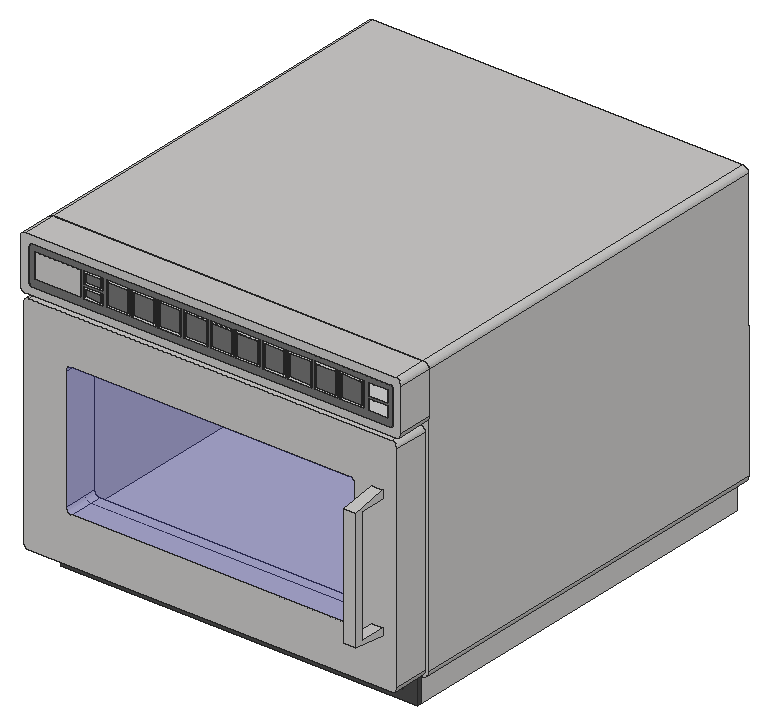
Revit family
Parameters (values of type "HDC12A2")
  Weight in Pounds = 67
  Watts = 2000 W
  Watermarked By = "http://revitwatermark.com"
  Volts = 120 V
  URL Cutsheet = ""
  URL = "www.acpsolutions.com"
  Status [instance] = ""
  Specification by User [instance] = ""
  Specification by Manufacturer = ""
  Serial Number [instance] = ""
  Seismic Rating [instance] = ""
  SMACNA No [instance] = ""
  Revision Code [instance] = ""
  Phase = 1
  Number of Poles = 1
  NAFEM Spec ID Number = ""
  Model = "HDC12A2"
  Masterspec = ""
  Manufacturer = "Amana"  # constant formula
  Item Number [instance] = "-"
  Installed By [instance] = ""
  Furnished By [instance] = ""
  Foodservice Equipment Identifier [instance] = yes
  Electrical Remarks [instance] = ""
  Electric Connection Type = Conn Plug  # "NEMA 5-20"
  Door Solid = no
  Door Material = QF_Finishes_Glass
  FL Amps = 16.8 A
  Elec Conn RI Height [instance] = 0' - 0"
  Elec Conn Connection Height = 0' - 1"
  Door Glass = yes
  Description = "Heavy Volume Commercial Microwave"  # constant formula
  Cycle = 60 Hz
  Conn Plug = "NEMA 5-20"
  CSI MasterFormat = "11 44 16"
  Assembly Code = "E1090320"
  Apparent Power = Volts * FL Amps  # 2016 VA
Types (5): name | Weight in Pounds | Watts | Watermarked By | Volts | Model | Item Number | Electric Connection Type | Door Solid | Door Material | FL Amps | Door Glass | Conn Plug | Apparent Power
  (no name) | 67 | 2000 W | "BB" | 120 V | "HDC12A2" | "-" | "NEMA 5-20" | no | QF_Finishes_Glass | 16.8 A | yes | "NEMA 5-20" | 2016 VA
  HDC12A2 | 67 | 2000 W | "http://revitwatermark.com" | 120 V | "HDC12A2" | "-" | "NEMA 5-20" | no | QF_Finishes_Glass | 16.8 A | yes | "NEMA 5-20" | 2016 VA
  HDC182 | 68 | 3000 W | "" | 208 V | "HDC182" | "" | "NEMA 6-20" | no | QF_Finishes_Glass | 14.4 A | yes | "NEMA 6-20" | 2995.2 VA
  HDC212 | 67 | 3200 W | "" | 208 V | "HDC212" | "" | "NEMA 6-20" | no | QF_Finishes_Glass | 15.4 A | yes | "NEMA 6-20" | 3203.2 VA
  HDC18SD | 68 | 3000 W | "" | 208 V | "HDC18SD" | "" | "NEMA 6-20" | yes | QF_Finishes_Stainless | 14.4 A | no | "NEMA 6-20" | 2995.2 VA
Reference planes (in)
  plane 1 "Center (Front/Back)": y = 0
  plane 2: z = 0
  plane 3 "Center (Left/Right)": x = 0
  plane 4 "Top": z = 13.5
  plane 5 "Right": x = 8.25
  plane 6 "Left": x = -8.25
  plane 7 "Back": y = 10.0625
  plane 8 "Bottom": z = 1.25
  plane 9: z = 11
  plane 10: x = 7.22663
  plane 11: x = 6.25
  plane 12: x = -6.25
  plane 13: z = 9
  plane 14: z = 3.25
  plane 15: x = 6.97663
  plane 16: x = 7.47663
  plane 17: x = -7.75
  plane 18: x = 7.75
  plane 19: x = -4.75
  plane 20: z = 1
  plane 21: y = 8.75
  plane 22: y = 9.33203
  plane 23: x = 3.25
  plane 24: z = 4.25
  plane 25: z = 1
  plane 26 "FRONT": y = -10.05249
  plane 27 "Handle": y = -11.55078
  plane 28: x = 15.25
  plane 29: y = 15.75
  plane 30: z = 20.5
  plane 31: y = -27.20703
  plane 32 "Front of Box": y = -8.50054
  plane 33: y = -25.75
Forms (in)
  Extrusion 1, solid, material "QF_Finishes_Stainless"
    sketch origin (0, 0, 0) x (1, 0, 0) y (0, 1, 0)
      loop
        line (-7.75, 8.75) -> (-7.75, -8.36019) -> (7.75, -8.36019) -> (7.75, 8.75) -> (-7.75, 8.75)
    from 0 to 1.25
  Extrusion 2, solid, material "QF_Finishes_Stainless"
    sketch origin (8.25, 0.28125, 0) x (0, 0, 1) y (0, -1, 0)
      loop
        line (8.95508, 10.33203) -> (8.70508, 11.83203) -> (3.49869, 11.83203) -> (3.28788, 10.33203) -> (3.60703, 10.33203) -> (3.60703, 11.47208) -> (8.6094, 11.47208) -> (8.6094, 10.33203) -> (8.95508, 10.33203)
    from -0.77337 to -1.27337
  Extrusion 3, solid, material "QF_Finishes_Stainless"
    sketch origin (0, -8.78125, 0) x (1, 0, 0) y (0, 0, 1)
      loop
        arc (-7.86528, 11) -> (-8.04205, 10.92678) -> (-8.11528, 10.75) r 0.25
        line (-8.11528, 10.75) -> (-8.11528, 1.5)
        arc (-8.11528, 1.5) -> (-8.04205, 1.32322) -> (-7.86528, 1.25) r 0.25
        line (-7.86528, 1.25) -> (7.83159, 1.25)
        arc (7.83159, 1.25) -> (8.00837, 1.32322) -> (8.08159, 1.5) r 0.25
        line (8.08159, 1.5) -> (8.08159, 10.75)
        arc (8.08159, 10.75) -> (8.00837, 10.92678) -> (7.83159, 11) r 0.25
        line (7.83159, 11) -> (-7.86528, 11)
      loop
        arc (-6, 9) -> (-6.17678, 8.92678) -> (-6.25, 8.75) r 0.25
        line (-6.25, 8.75) -> (-6.25, 3.5)
        arc (-6.25, 3.5) -> (-6.17678, 3.32322) -> (-6, 3.25) r 0.25
        line (-6, 3.25) -> (6, 3.25)
        arc (6, 3.25) -> (6.17678, 3.32322) -> (6.25, 3.5) r 0.25
        line (6.25, 3.5) -> (6.25, 8.75)
        arc (6.25, 8.75) -> (6.17678, 8.92678) -> (6, 9) r 0.25
        line (6, 9) -> (-6, 9)
    from -0.22876 to 1.26953
  Extrusion 4, solid, material "QF_Finishes_Glass", visible <- "Door Glass"
    sketch origin (0, -8.78125, 0) x (1, 0, 0) y (0, 0, 1)
      loop
        arc (-6, 9) -> (-6.17678, 8.92678) -> (-6.25, 8.75) r 0.25
        line (-6.25, 8.75) -> (-6.25, 3.5)
        arc (-6.25, 3.5) -> (-6.17678, 3.32322) -> (-6, 3.25) r 0.25
        line (-6, 3.25) -> (6, 3.25)
        arc (6, 3.25) -> (6.17678, 3.32322) -> (6.25, 3.5) r 0.25
        line (6.25, 3.5) -> (6.25, 8.75)
        arc (6.25, 8.75) -> (6.17678, 8.92678) -> (6, 9) r 0.25
        line (6, 9) -> (-6, 9)
    from 0.25 to 1.26953
  Extrusion 5, solid, material "QF_Finishes_Stainless"
    sketch origin (0, 10.0625, 0) x (1, 0, 0) y (0, 0, 1)
      loop
        line (8, 13.5) -> (-8, 13.5)
        arc (-8, 13.5) -> (-8.17678, 13.42678) -> (-8.25, 13.25) r 0.25
        line (-8.25, 13.25) -> (-8.25, 1.5)
        arc (-8.25, 1.5) -> (-8.17678, 1.32322) -> (-8, 1.25) r 0.25
        line (-8, 1.25) -> (8, 1.25)
        arc (8, 1.25) -> (8.17678, 1.32322) -> (8.25, 1.5) r 0.25
        line (8.25, 1.5) -> (8.25, 13.25)
        arc (8.25, 13.25) -> (8.17678, 13.42678) -> (8, 13.5) r 0.25
    from 1.3125 to 18.61499
  Extrusion 6, void
    sketch origin (0, -8.1875, 0) x (1, 0, 0) y (0, 0, 1)
      loop
        line (-7.15013, 0.79182) -> (-7.15013, 0.42467) -> (-4.40013, 0.42467) -> (-4.40013, 0.79182) -> (-7.15013, 0.79182)
      loop
        line (-3.40606, 0.79182) -> (-3.40606, 0.42467) -> (-0.65606, 0.42467) -> (-0.65606, 0.79182) -> (-3.40606, 0.79182)
      loop
        line (0.59987, 0.79182) -> (0.59987, 0.42467) -> (3.34987, 0.42467) -> (3.34987, 0.79182) -> (0.59987, 0.79182)
      loop
        line (4.34394, 0.79182) -> (4.34394, 0.42467) -> (7.09394, 0.42467) -> (7.09394, 0.79182) -> (4.34394, 0.79182)
    from 0.3125 to 0.125
  Extrusion 7, void
    sketch origin (0, 0.28125, 0) x (0, 1, 0) y (0, 0, 1)
      loop
        line (-8.83374, 11) -> (-8.83374, 1.50775) -> (8.36455, 1.50775) -> (8.36455, 11) -> (-8.83374, 11)
    from -7.75 to 7.75
  Extrusion 8, solid, material "QF_Finishes_Stainless"
    sketch origin (0, -8.78125, 0) x (1, 0, 0) y (0, 0, 1)
      loop
        arc (-8, 13.5) -> (-8.17678, 13.42678) -> (-8.25, 13.25) r 0.25
        line (-8.25, 13.25) -> (-8.25, 11.41789)
        arc (-8.25, 11.41789) -> (-8.17678, 11.24112) -> (-8, 11.16789) r 0.25
        line (-8, 11.16789) -> (8, 11.16789)
        arc (8, 11.16789) -> (8.17678, 11.24112) -> (8.25, 11.41789) r 0.25
        line (8.25, 11.41789) -> (8.25, 13.25)
        arc (8.25, 13.25) -> (8.17678, 13.42678) -> (8, 13.5) r 0.25
        line (8, 13.5) -> (-8, 13.5)
      loop
        line (7.7631, 13.15101) -> (-7.7369, 13.15101)
        arc (-7.7369, 13.15101) -> (-7.82529, 13.1144) -> (-7.8619, 13.02601) r 0.125
        line (-7.8619, 13.02601) -> (-7.8619, 11.62565)
        arc (-7.8619, 11.62565) -> (-7.82529, 11.53727) -> (-7.7369, 11.50065) r 0.125
        line (-7.7369, 11.50065) -> (7.7631, 11.50065)
        arc (7.7631, 11.50065) -> (7.85148, 11.53727) -> (7.8881, 11.62565) r 0.125
        line (7.8881, 11.62565) -> (7.8881, 13.02601)
        arc (7.8881, 13.02601) -> (7.85148, 13.1144) -> (7.7631, 13.15101) r 0.125
    from -0.22876 to 1.26953
  Extrusion 9, solid, material "QF_Finishes_Dark Grey"
    sketch origin (0, -9.78125, 0) x (1, 0, 0) y (0, 0, 1)
      loop
        arc (-7.7369, 13.15101) -> (-7.82529, 13.1144) -> (-7.8619, 13.02601) r 0.125
        line (-7.8619, 13.02601) -> (-7.8619, 11.62565)
        arc (-7.8619, 11.62565) -> (-7.82529, 11.53727) -> (-7.7369, 11.50065) r 0.125
        line (-7.7369, 11.50065) -> (7.7631, 11.50065)
        arc (7.7631, 11.50065) -> (7.85148, 11.53727) -> (7.8881, 11.62565) r 0.125
        line (7.8881, 11.62565) -> (7.8881, 13.02601)
        arc (7.8881, 13.02601) -> (7.85148, 13.1144) -> (7.7631, 13.15101) r 0.125
        line (7.7631, 13.15101) -> (-7.7369, 13.15101)
      loop
        line (-5.64728, 12.91072) -> (-7.61752, 12.91072) -> (-7.61752, 11.84078) -> (-5.64728, 11.84078) -> (-5.64728, 12.91072)
      loop
        line (-5.48958, 12.91072) -> (-5.48958, 12.41072) -> (-4.67993, 12.41072) -> (-4.67993, 12.91072) -> (-5.48958, 12.91072)
      loop
        line (-4.67993, 11.84078) -> (-4.67993, 12.29028) -> (-5.48958, 12.29028) -> (-5.48958, 11.84078) -> (-4.67993, 11.84078)
      loop
        line (-3.51956, 12.91072) -> (-4.51281, 12.91072) -> (-4.51281, 11.84078) -> (-3.51956, 11.84078) -> (-3.51956, 12.91072)
      loop
        line (-3.41769, 12.91072) -> (-3.41769, 11.84078) -> (-2.38625, 11.84078) -> (-2.38625, 12.91072) -> (-3.41769, 12.91072)
      loop
        line (-2.27728, 12.91072) -> (-2.27728, 11.84078) -> (-1.28404, 11.84078) -> (-1.28404, 12.91072) -> (-2.27728, 12.91072)
      loop
        line (-1.15106, 12.91072) -> (-1.15106, 11.84078) -> (-0.11962, 11.84078) -> (-0.11962, 12.91072) -> (-1.15106, 12.91072)
      loop
        line (-0.01281, 12.91072) -> (-0.01281, 11.84078) -> (0.98044, 11.84078) -> (0.98044, 12.91072) -> (-0.01281, 12.91072)
      loop
        line (1.08231, 11.84078) -> (2.11375, 11.84078) -> (2.11375, 12.91072) -> (1.08231, 12.91072) -> (1.08231, 11.84078)
      loop
        line (2.25382, 12.91072) -> (2.25382, 11.84078) -> (3.24707, 11.84078) -> (3.24707, 12.91072) -> (2.25382, 12.91072)
      loop
        line (4.38038, 12.91072) -> (3.34894, 12.91072) -> (3.34894, 11.84078) -> (4.38038, 11.84078) -> (4.38038, 12.91072)
      loop
        line (5.49219, 12.91072) -> (4.49894, 12.91072) -> (4.49894, 11.84078) -> (5.49219, 11.84078) -> (5.49219, 12.91072)
      loop
        line (6.6255, 12.91072) -> (5.59406, 12.91072) -> (5.59406, 11.84078) -> (6.6255, 11.84078) -> (6.6255, 12.91072)
      loop
        line (6.85528, 11.84078) -> (7.66493, 11.84078) -> (7.66493, 12.29028) -> (6.85528, 12.29028) -> (6.85528, 11.84078)
      loop
        line (6.85528, 12.41072) -> (7.66493, 12.41072) -> (7.66493, 12.91072) -> (6.85528, 12.91072) -> (6.85528, 12.41072)
    from 0.26953 to 0
  Extrusion 10, solid, material "QF_Finishes_White"
    sketch origin (0, -9.78125, 0) x (1, 0, 0) y (0, 0, 1)
      loop
        line (-5.48958, 12.91072) -> (-5.48958, 12.41072) -> (-4.67993, 12.41072) -> (-4.67993, 12.91072) -> (-5.48958, 12.91072)
      loop
        line (-5.48958, 12.29028) -> (-5.48958, 11.84078) -> (-4.67993, 11.84078) -> (-4.67993, 12.29028) -> (-5.48958, 12.29028)
      loop
        line (-4.51281, 12.91072) -> (-4.51281, 11.84078) -> (-3.51956, 11.84078) -> (-3.51956, 12.91072) -> (-4.51281, 12.91072)
      loop
        line (-3.41769, 12.91072) -> (-3.41769, 11.84078) -> (-2.38625, 11.84078) -> (-2.38625, 12.91072) -> (-3.41769, 12.91072)
      loop
        line (-2.27728, 12.91072) -> (-2.27728, 11.84078) -> (-1.28404, 11.84078) -> (-1.28404, 12.91072) -> (-2.27728, 12.91072)
      loop
        line (-1.15106, 12.91072) -> (-1.15106, 11.84078) -> (-0.11962, 11.84078) -> (-0.11962, 12.91072) -> (-1.15106, 12.91072)
      loop
        line (-0.01281, 12.91072) -> (-0.01281, 11.84078) -> (0.98044, 11.84078) -> (0.98044, 12.91072) -> (-0.01281, 12.91072)
      loop
        line (1.08231, 12.91072) -> (1.08231, 11.84078) -> (2.11375, 11.84078) -> (2.11375, 12.91072) -> (1.08231, 12.91072)
      loop
        line (2.25382, 12.91072) -> (2.25382, 11.84078) -> (3.24707, 11.84078) -> (3.24707, 12.91072) -> (2.25382, 12.91072)
      loop
        line (3.34894, 12.91072) -> (3.34894, 11.84078) -> (4.38038, 11.84078) -> (4.38038, 12.91072) -> (3.34894, 12.91072)
      loop
        line (4.49894, 12.91072) -> (4.49894, 11.84078) -> (5.49219, 11.84078) -> (5.49219, 12.91072) -> (4.49894, 12.91072)
      loop
        line (5.59406, 12.91072) -> (5.59406, 11.84078) -> (6.6255, 11.84078) -> (6.6255, 12.91072) -> (5.59406, 12.91072)
      loop
        line (6.85528, 12.91072) -> (6.85528, 12.41072) -> (7.66493, 12.41072) -> (7.66493, 12.91072) -> (6.85528, 12.91072)
      loop
        line (6.85528, 12.29028) -> (6.85528, 11.84078) -> (7.66493, 11.84078) -> (7.66493, 12.29028) -> (6.85528, 12.29028)
      loop
        line (-4.74714, 12.85027) -> (-5.42593, 12.85027) -> (-5.42593, 12.47529) -> (-4.74714, 12.47529) -> (-4.74714, 12.85027)
      loop
        line (-4.74714, 12.22622) -> (-5.42593, 12.22622) -> (-5.42593, 11.90598) -> (-4.74714, 11.90598) -> (-4.74714, 12.22622)
      loop
        line (-4.44374, 12.85027) -> (-4.44374, 11.90598) -> (-3.58758, 11.90598) -> (-3.58758, 12.85027) -> (-4.44374, 12.85027)
      loop
        line (-3.34836, 12.85027) -> (-3.34836, 11.90598) -> (-2.445, 11.90598) -> (-2.445, 12.85027) -> (-3.34836, 12.85027)
      loop
        line (-2.20038, 12.85027) -> (-2.20038, 11.90598) -> (-1.35951, 11.90598) -> (-1.35951, 12.85027) -> (-2.20038, 12.85027)
      loop
        line (-1.08362, 12.85027) -> (-1.08362, 11.90598) -> (-0.18587, 11.90598) -> (-0.18587, 12.85027) -> (-1.08362, 12.85027)
      loop
        line (0.05499, 12.85027) -> (0.05499, 11.90598) -> (0.91443, 11.90598) -> (0.91443, 12.85027) -> (0.05499, 12.85027)
      loop
        line (1.14434, 12.85027) -> (1.14434, 11.90598) -> (2.05031, 11.90598) -> (2.05031, 12.85027) -> (1.14434, 12.85027)
      loop
        line (2.32402, 12.85027) -> (2.32402, 11.90598) -> (3.18346, 11.90598) -> (3.18346, 12.85027) -> (2.32402, 12.85027)
      loop
        line (3.41337, 12.85027) -> (3.41337, 11.90598) -> (4.3166, 11.90598) -> (4.3166, 12.85027) -> (3.41337, 12.85027)
      loop
        line (4.56293, 12.85027) -> (4.56293, 11.90598) -> (5.42785, 11.90598) -> (5.42785, 12.85027) -> (4.56293, 12.85027)
      loop
        line (5.66323, 12.85027) -> (5.66323, 11.90598) -> (6.56099, 11.90598) -> (6.56099, 12.85027) -> (5.66323, 12.85027)
    from 0.26953 to 0
  Extrusion 11, solid, material "QF_Finishes_Dark Grey"
    sketch origin (0, -9.78125, 0) x (1, 0, 0) y (0, 0, 1)
      loop
        line (-5.42593, 12.85027) -> (-5.42593, 12.47529) -> (-4.74714, 12.47529) -> (-4.74714, 12.85027) -> (-5.42593, 12.85027)
      loop
        line (-5.42593, 12.22622) -> (-5.42593, 11.90598) -> (-4.74714, 11.90598) -> (-4.74714, 12.22622) -> (-5.42593, 12.22622)
      loop
        line (-4.44374, 12.85027) -> (-4.44374, 11.90598) -> (-3.58758, 11.90598) -> (-3.58758, 12.85027) -> (-4.44374, 12.85027)
      loop
        line (-3.34836, 12.85027) -> (-3.34836, 11.90598) -> (-2.445, 11.90598) -> (-2.445, 12.85027) -> (-3.34836, 12.85027)
      loop
        line (-2.20038, 12.85027) -> (-2.20038, 11.90598) -> (-1.35951, 11.90598) -> (-1.35951, 12.85027) -> (-2.20038, 12.85027)
      loop
        line (-1.08362, 12.85027) -> (-1.08362, 11.90598) -> (-0.18587, 11.90598) -> (-0.18587, 12.85027) -> (-1.08362, 12.85027)
      loop
        line (0.05499, 12.85027) -> (0.05499, 11.90598) -> (0.91443, 11.90598) -> (0.91443, 12.85027) -> (0.05499, 12.85027)
      loop
        line (1.14434, 12.85027) -> (1.14434, 11.90598) -> (2.05031, 11.90598) -> (2.05031, 12.85027) -> (1.14434, 12.85027)
      loop
        line (2.32402, 12.85027) -> (2.32402, 11.90598) -> (3.18346, 11.90598) -> (3.18346, 12.85027) -> (2.32402, 12.85027)
      loop
        line (3.41337, 12.85027) -> (3.41337, 11.90598) -> (4.3166, 11.90598) -> (4.3166, 12.85027) -> (3.41337, 12.85027)
      loop
        line (4.56293, 12.85027) -> (4.56293, 11.90598) -> (5.42785, 11.90598) -> (5.42785, 12.85027) -> (4.56293, 12.85027)
      loop
        line (5.66323, 12.85027) -> (5.66323, 11.90598) -> (6.56099, 11.90598) -> (6.56099, 12.85027) -> (5.66323, 12.85027)
    from 0.26953 to 0
  Extrusion 12, solid, material "QF_Finishes_Glass" <- "Door Material", visible <- "Door Solid"
    sketch origin (0, -8.78125, 0) x (1, 0, 0) y (0, 0, 1)
      loop
        arc (-6, 9) -> (-6.17678, 8.92678) -> (-6.25, 8.75) r 0.25
        line (-6.25, 8.75) -> (-6.25, 3.5)
        arc (-6.25, 3.5) -> (-6.17678, 3.32322) -> (-6, 3.25) r 0.25
        line (-6, 3.25) -> (6, 3.25)
        arc (6, 3.25) -> (6.17678, 3.32322) -> (6.25, 3.5) r 0.25
        line (6.25, 3.5) -> (6.25, 8.75)
        arc (6.25, 8.75) -> (6.17678, 8.92678) -> (6, 9) r 0.25
        line (6, 9) -> (-6, 9)
    from -0.22876 to 1.26953
  Extrusion 13, solid, material "QF_Finishes_Dark Grey"
    sketch origin (0, -9.55295, 0) x (0, 0, -1) y (1, 0, 0)
      loop
        line (-0.79182, -7.15013) -> (-0.42467, -7.15013) -> (-0.42467, -4.40013) -> (-0.79182, -4.40013) -> (-0.79182, -7.15013)
      loop
        line (-0.72932, -7.08763) -> (-0.48717, -7.08763) -> (-0.48717, -4.46263) -> (-0.72932, -4.46263) -> (-0.72932, -7.08763)
      loop
        line (-0.79182, -3.40606) -> (-0.42467, -3.40606) -> (-0.42467, -0.65606) -> (-0.79182, -0.65606) -> (-0.79182, -3.40606)
      loop
        line (-0.72932, -3.34356) -> (-0.48717, -3.34356) -> (-0.48717, -0.71856) -> (-0.72932, -0.71856) -> (-0.72932, -3.34356)
      loop
        line (-0.79182, 0.59987) -> (-0.42467, 0.59987) -> (-0.42467, 3.34987) -> (-0.79182, 3.34987) -> (-0.79182, 0.59987)
      loop
        line (-0.72932, 0.66237) -> (-0.48717, 0.66237) -> (-0.48717, 3.28737) -> (-0.72932, 3.28737) -> (-0.72932, 0.66237)
      loop
        line (-0.79182, 4.34394) -> (-0.42467, 4.34394) -> (-0.42467, 7.09394) -> (-0.79182, 7.09394) -> (-0.79182, 4.34394)
      loop
        line (-0.72932, 4.40644) -> (-0.48717, 4.40644) -> (-0.48717, 7.03144) -> (-0.72932, 7.03144) -> (-0.72932, 4.40644)
    from -1.05295 to -1.24045
  Extrusion 14, solid, material "QF_Finishes_Dark Grey"
    sketch origin (0, -9.55295, 0) x (0, 0, -1) y (1, 0, 0)
      loop
        line (-0.79182, -7.15013) -> (-0.42467, -7.15013) -> (-0.42467, -4.40013) -> (-0.79182, -4.40013) -> (-0.79182, -7.15013)
      loop
        line (-0.79182, -3.40606) -> (-0.42467, -3.40606) -> (-0.42467, -0.65606) -> (-0.79182, -0.65606) -> (-0.79182, -3.40606)
      loop
        line (-0.79182, 0.59987) -> (-0.42467, 0.59987) -> (-0.42467, 3.34987) -> (-0.79182, 3.34987) -> (-0.79182, 0.59987)
      loop
        line (-0.79182, 4.34394) -> (-0.42467, 4.34394) -> (-0.42467, 7.09394) -> (-0.79182, 7.09394) -> (-0.79182, 4.34394)
    from -1.19275 to -1.30013
  Extrusion 15, solid, material "QF_Finishes_Black"
    sketch origin (0, -9.55295, 0) x (0, 0, -1) y (1, 0, 0)
      loop
        line (-1.25, -7.75) -> (0, -7.75) -> (0, 7.75) -> (-1.25, 7.75) -> (-1.25, -7.75)
      loop
        line (-0.79182, -7.15013) -> (-0.42467, -7.15013) -> (-0.42467, -4.40013) -> (-0.79182, -4.40013) -> (-0.79182, -7.15013)
      loop
        line (-0.79182, -3.40606) -> (-0.42467, -3.40606) -> (-0.42467, -0.65606) -> (-0.79182, -0.65606) -> (-0.79182, -3.40606)
      loop
        line (-0.79182, 0.59987) -> (-0.42467, 0.59987) -> (-0.42467, 3.34987) -> (-0.79182, 3.34987) -> (-0.79182, 0.59987)
      loop
        line (-0.79182, 4.34394) -> (-0.42467, 4.34394) -> (-0.42467, 7.09394) -> (-0.79182, 7.09394) -> (-0.79182, 4.34394)
    from -1.05295 to -1.19275
  Extrusion 16, solid, material "QF_Finishes_Black"
    sketch origin (0, -9.0625, 0) x (1, 0, 0) y (0, 0, 1)
      loop
        line (-7.08763, 0.72932) -> (-7.08763, 0.48717) -> (-4.46263, 0.48717) -> (-4.46263, 0.72932) -> (-7.08763, 0.72932)
      loop
        line (-3.34356, 0.72932) -> (-3.34356, 0.48717) -> (-0.71856, 0.48717) -> (-0.71856, 0.72932) -> (-3.34356, 0.72932)
      loop
        line (0.66237, 0.72932) -> (0.66237, 0.48717) -> (3.28737, 0.48717) -> (3.28737, 0.72932) -> (0.66237, 0.72932)
      loop
        line (4.40644, 0.72932) -> (4.40644, 0.48717) -> (7.03144, 0.48717) -> (7.03144, 0.72932) -> (4.40644, 0.72932)
    from -0.70231 to -0.5625
  Extrusion 17, void
    sketch origin (0, 10.0625, 0) x (1, 0, 0) y (0, 0, 1)
      loop
        circle (-6.25, 1) r 0.25
    from 1.3125 to 1.69795
  Extrusion 18, solid, material "QF_Finishes_Stainless"
    sketch origin (0, -8.78125, 0) x (1, 0, 0) y (0, 0, 1)
      loop
        line (-7.61752, 12.91072) -> (-7.61752, 11.84078) -> (-5.64728, 11.84078) -> (-5.64728, 12.91072) -> (-7.61752, 12.91072)
    from 1 to 1.26953
  Extrusion 19, solid, material "QF_Finishes_Stainless"
    sketch origin (0, 10.0625, 0) x (1, 0, 0) y (0, 0, 1)
      loop
        line (-3.25, 11) -> (-4.25, 11) -> (-4.25, 9) -> (-3.25, 9) -> (-3.25, 11)
    from 0 to 1.3125
  Extrusion 20, solid, material "QF_Finishes_Stainless"
    sketch origin (0, 10.0625, 0) x (1, 0, 0) y (0, 0, 1)
      loop
        line (6.5, 3.25) -> (3.25, 3.25) -> (3.25, 1.25) -> (6.5, 1.25) -> (6.5, 3.25)
    from 0.73047 to 1.3125
Cuts and joins
  Extrusion 6, Extrusion 7, Extrusion 17 cuts Extrusion 1
  Extrusion 7 cuts Extrusion 3
  Extrusion 7 cuts Extrusion 4
  Extrusion 7, Extrusion 17 cuts Extrusion 5
Lines and regions (in)
  symbolic lines, style "QF_Clearance"
    curve 1: line (-15.25, -10.33203, 1.25) -> (-15.25, 15.75, 1.25)
    curve 2: line (-15.25, 15.75, 1.25) -> (15.25, 15.75, 1.25)
    curve 3: line (15.25, 15.75, 1.25) -> (15.25, -10.33203, 1.25)
    curve 4: line (-15.25, -9.0625, 0) -> (-15.25, -9.0625, 20.5)
    curve 5: line (-15.25, -9.0625, 20.5) -> (15.25, -9.0625, 20.5)
    curve 6: line (15.25, -9.0625, 20.5) -> (15.25, -9.0625, 0)
    curve 7: line (0, 15.75, 0) -> (0, 15.75, 20.5)
    curve 8: line (0, 15.75, 20.5) -> (0, -10.33203, 20.5)
    curve 9: line (0, -10.33203, 11) -> (0, -26.76953, 11)
    curve 10: line (0, -26.76953, 11) -> (0, -26.76953, 1.25)
    curve 11: line (0, -26.76953, 1.25) -> (0, -10.33203, 1.25)
    curve 29: line (-8.25, -10.05249, 1.25) -> (-8.25, -27.20703, 1.25)
    curve 30: arc (8.21653, -10.05249, 1.25) -> (4.09131, -22.57305, 1.25) -> (-8.25, -27.20703, 1.25) r 15.25916
  symbolic lines
    curve 12: line (-8.25, -10.05249, 1.25) -> (-8.25, 8.75, 1.25)
    curve 13: line (-8.25, 8.75, 1.25) -> (-4.25, 8.75, 1.25)
    curve 14: line (-4.25, 8.75, 1.25) -> (-4.25, 10.0625, 1.25)
    curve 15: line (-4.25, 10.0625, 1.25) -> (-3.25, 10.0625, 1.25)
    curve 16: line (-3.25, 10.0625, 1.25) -> (-3.25, 8.75, 1.25)
    curve 17: line (-3.25, 8.75, 1.25) -> (3.25, 8.75, 1.25)
    curve 18: line (3.25, 8.75, 1.25) -> (3.25, 9.33203, 1.25)
    curve 19: line (3.25, 9.33203, 1.25) -> (6.5, 9.33203, 1.25)
    curve 20: line (6.5, 9.33203, 1.25) -> (6.5, 8.75, 1.25)
    curve 21: line (6.5, 8.75, 1.25) -> (8.25, 8.75, 1.25)
    curve 22: line (8.25, 8.75, 1.25) -> (8.25, -10.05249, 1.25)
    curve 23: line (8.25, -10.05249, 1.25) -> (7.47663, -10.05249, 1.25)
    curve 24: line (6.97663, -10.05249, 1.25) -> (-8.25, -10.05249, 1.25)
    curve 25: line (-8.25, -8.50054, 1.25) -> (8.25, -8.50054, 1.25)
    curve 26: line (6.97663, -10.05249, 1.25) -> (6.97663, -11.5625, 1.25)
    curve 27: line (6.97663, -11.5625, 1.25) -> (7.47663, -11.5625, 1.25)
    curve 28: line (7.47663, -11.5625, 1.25) -> (7.47663, -10.05249, 1.25)
Dimensions and locks (in)
  plane 26 "FRONT" to plane 21 = 1' - 6.80249"
  aligned and locked: level to plane 2
  aligned and locked: Extrusion 9 sketch curve to Extrusion 10
  aligned and locked: Extrusion 1 to Extrusion 15
Connectors (in)
  electrical at (-6.25, 8.36455, 1), driven by "Number of Poles", driven by "Volts", driven by "Apparent Power"
    settings: on cut or joined group of Extrusion 1, Extrusion 6, Extrusion 7, Extrusion 17, index 1, voltage 120 V, apparent load 2016 VA, apparent load phase1 0 VA, apparent load phase2 0 VA, apparent load phase3 0 VA, power factor 1, load classification "Other", number of poles 1, system type 30, power factor state 1, is connector primary yes, connector utility no, sub classification motor no, connector description "Electric"
